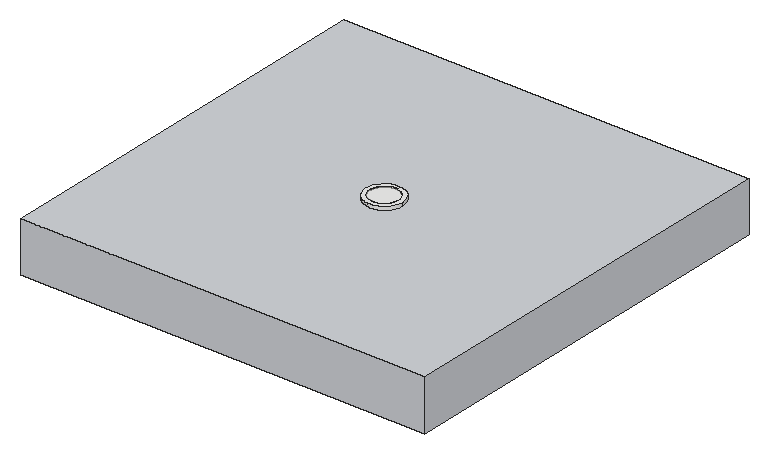
Revit family "759405_V", category Luminaires, Revit 2021
Family settings
  Hôte = Face
  Cote de connecteur circulaire = Utiliser le diamètre
  Type d'élément = Normal
  Numéro OmniClass = 23.80.70.11.14.11
  Titre OmniClass = Downlights
  Couper avec des vides une fois chargée = Oui
  Source d'éclairage = Oui
  Partagée = Oui
  Point de calcul de pièce = Oui
Parameters (values of type "759405")
  Épaisseur diffuseur = 2 mm
  Épaisseur = 18 mm
  URL = "https://www.resistex-sa.com/fr/muse-rd-2208lm-cct-1238.html"
  Tension = 230 V  # constant formula
  built-in parameter 1150107 = 4000 (stored number, unit not read)
  Wattage = 18.9 W
  built-in parameter 1150110 = 1 (stored number, unit not read)
  built-in parameter 1150109 = 1 (stored number, unit not read)
  built-in parameter 1114218 = 1 (stored number, unit not read)
  built-in parameter 1150113 = 1 (stored number, unit not read)
  built-in parameter 1150112 = 1 (stored number, unit not read)
  Nombre pôles = 1  # constant formula
  built-in parameter 1150137 = (empty or 0)
  built-in parameter 1150132 = (empty or 0)
  Modèle = "Muse"  # constant formula
  Matériau diffuseur = PC Transparent
  Matériau corps = PC Blanc
  built-in parameter 1150105 = 174.47 (stored number, unit not read)
  built-in parameter 1150102 = (empty or 0)
  Indice de charge = Eclairage
  Image du type = <Aucun>
  IP = "20"  # constant formula
  IK = "07"  # constant formula
  Gradation des changements de température de couleur de lampe = <Aucun>
  Garantie = "2 ans"  # constant formula
  Lumens = 2192.4 lm
  Color Filter = 16777215
  Fichier de distribution photométrique = "759405.ies"
  built-in parameter 1114217 = 1 (stored number, unit not read)
  built-in parameter 1150139 = (empty or 0)
  Fabricant = "Résistex"  # constant formula
  Emit from Circle Diameter = 609.6 mm
  Emit Shape Visible in Rendering = no
  Default Elevation = 0 mm
  built-in parameter 1150104 = 10.777 (stored number, unit not read)
  built-in parameter 1150106 = 1.7447 (stored number, unit not read)
  built-in parameter 1150115 = 1 (stored number, unit not read)
  built-in parameter 1150114 = 1 (stored number, unit not read)
  Diamètre collerette = 171 mm
  Diamètre = 220 mm
  Description = "Downlight équipé d'un module LED SMD, efficacité lumineuse de 116lm/W"
  Cost = 35
  built-in parameter 1150138 = (empty or 0)
  built-in parameter 1150134 = 12
  Commentaires relatifs à la puissance = "18.9W"
  Apparent Load = 20.11 VA
  Tilt Angle = 60.00°
  built-in parameter 1150133 = 10 (stored number, unit not read)
Types (3, lengths in mm): name | URL | Fichier de distribution photométrique | Cost | Apparent Load
  (no name) | "https://www.resistex-sa.com/fr/muse-rd-2208lm-cct-1238.html" | "759405.ies" | 35 | 20.11 VA
  759405 | "https://www.resistex-sa.com/fr/muse-rd-2208lm-cct-1238.html" | "759405.ies" | 35 | 20.11 VA
  759406 | "https://www.resistex-sa.com/fr/muse-1982lm-cct-ir-bl-1239.html" | "759406.ies" | 52.5 | 20.32 VA
Reference planes
  plane 1 "Centre (avant/arrière)": y = 0
  plane 2: z = 0
  plane 3 "Centre (gauche/droite)": x = 0
  plane 4 "Début diffuseur": z = 18
  plane 5 "Fond diffuseur": z = 16
Forms (mm)
  Extrusion 1, solid
    sketch origin (0, 0, 0) x (1, 0, 0) y (0, 1, 0)
      loop
        line (-1219.2, 1219.2) -> (-1219.2, -1219.2) -> (1219.2, -1219.2) -> (1219.2, 1219.2) -> (-1219.2, 1219.2)
    from 0 to -304.8
  Extrusion 2, solid, material "PC Blanc" <- "Matériau corps"
    sketch origin (0, 0, 0) x (1, 0, 0) y (0, 1, 0)
      loop
        circle (0, 0) r 110
    from 0 to 18 <- "Épaisseur"
  Extrusion 3, void
    sketch origin (0, 0, 16) x (-1, 0, 0) y (0, -1, 0)
      loop
        circle (0, 0) r 85.5
    from 0 to 2 <- "Épaisseur diffuseur"
  Extrusion 4, solid, material "PC Transparent" <- "Matériau diffuseur"
    sketch origin (0, 0, 16) x (-1, 0, 0) y (0, -1, 0)
      loop
        circle (0, 0) r 85.5
    from 0 to 2
Cuts and joins
  Extrusion 3 cuts Extrusion 2
Dimensions and locks
  "Épaisseur": plane 4 "Début diffuseur" to level
  "Épaisseur diffuseur": plane 4 "Début diffuseur" to plane 5 "Fond diffuseur"
  "Diamètre": diameter of Extrusion 2 sketch curve
  "Diamètre collerette": diameter of Extrusion 3 sketch curve
  "Diamètre collerette": diameter of Extrusion 4 sketch curve
  aligned and locked: plane 2 to Extrusion 1
  aligned and locked: level to Extrusion 1
  aligned and locked: plane 3 "Centre (gauche/droite)" to Extrusion 2 sketch curve
  aligned and locked: imposter light to Extrusion 2 sketch curve
  aligned and locked: imposter light to Extrusion 3 sketch curve  (x2)
  aligned and locked: imposter light to Extrusion 4 sketch curve  (x2)
Automatic sketch dimensions
  Extrusion 1 sketch curve to Extrusion 1 sketch curve = 2438.4 mm  (x2)
Connectors
  electrical at (0, 0, 0), driven by "Indice de charge", driven by "Tension", driven by "Apparent Load", driven by "Nombre pôles"
    settings: on cut or joined group of Extrusion 2, Extrusion 3, index 1, voltage 230 V, apparent load 0 VA, apparent load phase1 20.11 VA, apparent load phase2 0 VA, apparent load phase3 0 VA, power factor 1, load classification "Eclairage", number of poles 1, system type 31, power factor state 1, is connector primary yes, connector utility no, sub classification motor no, connector description ""
